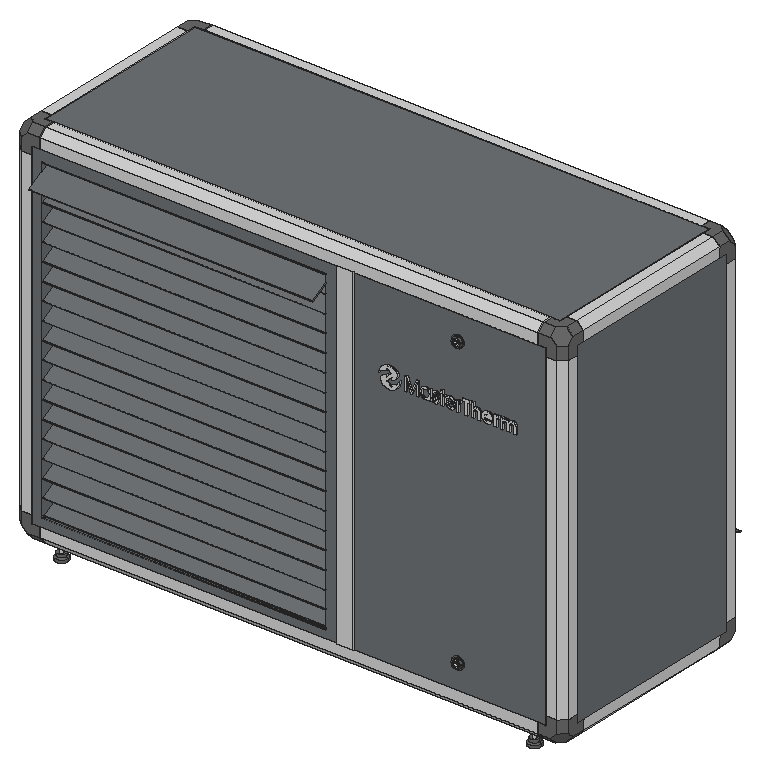
Revit family "BoxAir-Inverter-P_RFA-2022_v2", category Mechanické zařízení, Revit 2022 (continued)
Types (4, lengths in mm): name | Model | MT_side grille W | MT_side grille H | MT_napětí (V) | MT_max. proud – kompresor (A) | MT_max. proud – elektrokotel (A) | MT_hmotnost (kg) | MT_grille ext front Y | MT_front grille W | MT_front grille H | MT_clearance right | MT_clearance left | MT_clearance front | MT_cover front_Y-v2 | MT_cover top_Y | MT_cover top_X | MT_cover side_Y | MT_cover side_X | MT_cover front_Y | MT_cover front_X | MT_case width | MT_case height | MT_case depth | MT_angle length_Z | MT_angle length_Y | MT_angle length_X | MT_TYPE | Komentáře k typům
  BA22IP | "BoxAir 22 Intverter P" | 446.00 | 805.00 | 230 V | 16 A | 16 A | 120 | 755.00 | 726.00 | 805.00 | 1500.00 | 1500.00 | 1500.00 | -526.00 | 446.00 | 1224.00 | 805.00 | 446.00 | 805.00 | 1224.00 | 1304.00 | 885.00 | 526.00 | 765.00 | 406.00 | 1184.00 | 22 | "KOMPRESOR: BLDC Inverter; 25 – 120 rps; olej (PZ68S) – 0.3 l; max. prov. proud – 8 A; VÝPARNÍK: lamelový (Al/Cu); přestupná plocha – 21 m2; rozteč lamel – 2.0 mm; max. přetlak – 4.2 MPa; max. průtok vzduchu – 3000 m3/h; max. příkon ventilátoru – 0.1 kW; průměr vetnilátoru – 450 mm; ot. (max) – 700 1/min; LWA – 50 dB; odtávání – reverzací; KONDENZÁTOR: deskový (nerez.); AISI316; průtok otopné vody – 0.20 kg/s; min. průtok – 0.10 kg/s; teplotní rozdíl – 5 K; objem vody – 7.0 l; max. přetlak vody – 250 kPa; max. přetlak chladiva – 4.2 MPa; ext. tlak čerpadla – 6.0 m; max. příkon čerpadla – 70 W; CHL. OKRUH: R290 (0.8 kg); ochrana úniku R290 – 35% Propylenglykol; detektor úniku – ano; EK: 5.7 + (2.8) kW; REGULACE: regulátor – pCO5; EEV – ano; čidlo otopné vody – ano; čidlo TUV – ano; ext. čidlo – ano; ekviterm. reg. – ano; chladivo – 2xPT; ESI: 1x230 (3x400) V; 50 Hz; max. proud kompresoru (EK) – 16/(16)/(16) A; el. krytí – IP43; ; ROZMĚRY: otopná voda – 1\" (vnější); 90x130x53 cm; 120 kg; LIMITNÍ PROVOZNÍ PARAMETRY: max. přetlak vody – 0.25 MPa; max. přetlak chladiva – 2.9 MPa; vzduch min./max.: -20/+35 °C; voda min./max.: 20/65 °C"
  BA26IP | "BoxAir 26 Intverter P" | 446.00 | 805.00 | 230 V | 20 A | 16 A | 130 | 755.00 | 726.00 | 805.00 | 1500.00 | 1500.00 | 1500.00 | -526.00 | 446.00 | 1224.00 | 805.00 | 446.00 | 805.00 | 1224.00 | 1304.00 | 885.00 | 526.00 | 765.00 | 406.00 | 1184.00 | 26 | "KOMPRESOR: BLDC Inverter; 15 – 110 rps; olej (PZ68S) – 0.75 l; max. prov. proud – 21 A; VÝPARNÍK: lamelový (Al/Cu); přestupná plocha – 21 m2; rozteč lamel – 2.0 mm; max. přetlak – 4.2 MPa; max. průtok vzduchu – 3500 m3/h; max. příkon ventilátoru – 0.1 kW; průměr vetnilátoru – 450 mm; ot. (max) – 700 1/min; LWA – 53 dB; odtávání – reverzací; KONDENZÁTOR: deskový (nerez.); AISI316; průtok otopné vody – 0.27 kg/s; min. průtok – 0.13 kg/s; teplotní rozdíl – 5 K; objem vody – 7.0 l; max. přetlak vody – 250 kPa; max. přetlak chladiva – 4.2 MPa; ext. tlak čerpadla – 6.0 m; max. příkon čerpadla – 70 W; CHL. OKRUH: R290 (0.9 kg); ochrana úniku R290 – 35% Propylenglykol; detektor úniku – ano; EK: 5.7 + (2.8) kW; REGULACE: regulátor – pCO5; EEV – ano; čidlo otopné vody – ano; čidlo TUV – ano; ext. čidlo – ano; ekviterm. reg. – ano; chladivo – 2xPT; ESI: 1x230 (3x400) V; 50 Hz; max. proud kompresoru (EK) – 20/(16)/(16) A; el. krytí – IP43; ; ROZMĚRY: otopná voda – 1\" (vnější); 90x130x53 cm; 130 kg; LIMITNÍ PROVOZNÍ PARAMETRY: max. přetlak vody – 0.25 MPa; max. přetlak chladiva – 2.9 MPa; vzduch min./max.: -20/+35 °C; voda min./max.: 20/65 °C"
  BA37IP | "BoxAir 37 Intverter P" | 448.00 | 1418.00 | 400 V | 20 A | 25 A | 165 | 1368.00 | 730.00 | 1418.00 | 2000.00 | 2000.00 | 2000.00 | -528.00 | 448.00 | 1228.00 | 1418.00 | 448.00 | 1418.00 | 1228.00 | 1308.00 | 1498.00 | 528.00 | 1378.00 | 408.00 | 1188.00 | 37 | "KOMPRESOR: BLDC Inverter; 15 – 100 rps; olej (PZ68S) – 0.9 l; max. prov. proud – 21 A; VÝPARNÍK: lamelový (Al/Cu); přestupná plocha – 42 m2; rozteč lamel – 2.0 mm; max. přetlak – 3.0 MPa; max. průtok vzduchu – 8000 m3/h; max. příkon ventilátoru – 0.2 kW; průměr vetnilátoru – 2x450 mm; ot. (max) – 700 1/min; LWA – 55 dB; odtávání – reverzací; KONDENZÁTOR: deskový (nerez.); AISI316; průtok otopné vody – 0.46 kg/s; min. průtok – 0.23 kg/s; teplotní rozdíl – 5 K; objem vody – 10.9 l; max. přetlak vody – 250 kPa; max. přetlak chladiva – 3.0 MPa; ext. tlak čerpadla – 6.0 m; max. příkon čerpadla – 130 W; CHL. OKRUH: R290 (1.55 kg); ochrana úniku R290 – 35% Propylenglykol; detektor úniku – ano; EK: 7.5 + (7.5) kW; REGULACE: regulátor – pCO5; EEV – ano; čidlo otopné vody – ano; čidlo TUV – ano; ext. čidlo – ano; ekviterm. reg. – ano; chladivo – 2xPT; ESI: 3x400 V; 50 Hz; max. proud kompresoru (EK) – 20 (25) A; el. krytí – IP44; ; ROZMĚRY: otopná voda – 1\" (vnější); 150x130x53 cm; 165 kg; LIMITNÍ PROVOZNÍ PARAMETRY: max. přetlak vody – 0.25 MPa; max. přetlak chladiva – 2.9 MPa; vzduch min./max.: -20/+35 °C; voda min./max.: 20/65 °C"
  BA45IP | "BoxAir 45 Intverter P" | 448.00 | 1418.00 | 400 V | 25 A | 32 A | 185 | 1368.00 | 730.00 | 1418.00 | 2000.00 | 2000.00 | 2000.00 | -528.00 | 448.00 | 1228.00 | 1418.00 | 448.00 | 1418.00 | 1228.00 | 1308.00 | 1498.00 | 528.00 | 1378.00 | 408.00 | 1188.00 | 45 | "KOMPRESOR: BLDC Inverter; 15 – 90 rps; olej (HAF68D1U) – 2.0 l; max. prov. proud – 24 A; VÝPARNÍK: lamelový (Al/Cu); přestupná plocha – 42 m2; rozteč lamel – 2.0 mm; max. přetlak – 3.0 MPa; max. průtok vzduchu – 8000 m3/h; max. příkon ventilátoru – 0.2 kW; průměr vetnilátoru – 2x450 mm; ot. (max) – 700 1/min; LWA – 60 dB; odtávání – reverzací; KONDENZÁTOR: deskový (nerez.); AISI316; průtok otopné vody – 0.55 kg/s; min. průtok – 0.27 kg/s; teplotní rozdíl – 5 K; objem vody – 10.9 l; max. přetlak vody – 250 kPa; max. přetlak chladiva – 3.0 MPa; ext. tlak čerpadla – 6.0 m; max. příkon čerpadla – 130 W; CHL. OKRUH: R290 (1.55 kg); ochrana úniku R290 – 35% Propylenglykol; detektor úniku – ano; EK: 7.5 + (7.5) kW; REGULACE: regulátor – pCO5; EEV – ano; čidlo otopné vody – ano; čidlo TUV – ano; ext. čidlo – ano; ekviterm. reg. – ano; chladivo – 2xPT; ESI: 3x400 V; 50 Hz; max. proud kompresoru (EK) – 25 (32) A; el. krytí – IP43; ; ROZMĚRY: otopná voda – 1\" (vnější); 150x130x53 cm; 185 kg; LIMITNÍ PROVOZNÍ PARAMETRY: max. přetlak vody – 0.25 MPa; max. přetlak chladiva – 2.9 MPa; vzduch min./max.: -20/+35 °C; voda min./max.: 20/65 °C"
